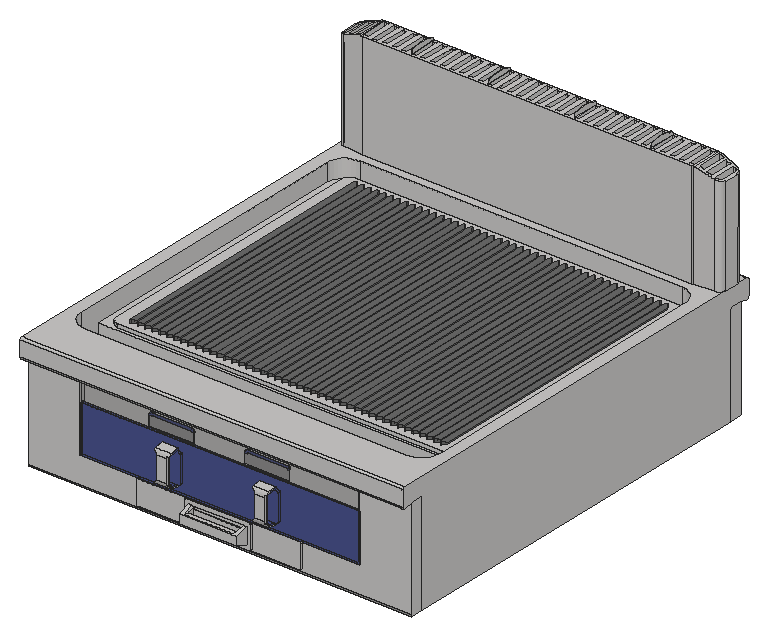
Revit family "QF_ELECTROLUXPROFESSIONAL_589102_MCHNAAHOPO", category Specialty Equipment, Revit 2018 (continued)
Definition of nested family "GG_900_Backsplash for 800 fryer"
  Automatic sketch dimensions
    Extrusion 41 sketch curve to Extrusion 41 sketch curve = 49.354 mm
    Extrusion 41 sketch curve to Extrusion 41 sketch curve = 3.029 mm  (x2)
    Extrusion 41 sketch curve to Extrusion 41 sketch curve = 0.001 mm  (x4)
    Extrusion 41 sketch curve to Extrusion 41 sketch curve = 2.392 mm
    Extrusion 42 sketch curve to Extrusion 42 sketch curve = 0 mm  (x3)
    Extrusion 42 sketch curve to plane 3 "Center (Left/Right)" = 87.373 mm
    Extrusion 42 sketch curve to Extrusion 42 sketch curve = 1 mm  (x2)
    Extrusion 42 sketch curve to Extrusion 42 sketch curve = 0.732 mm
    level to Extrusion 42 sketch curve = 1106.571 mm
    plane 6 to Extrusion 43 sketch curve = 26.484 mm
    Extrusion 43 sketch curve to Extrusion 43 sketch curve = 3.168 mm
    Extrusion 43 sketch curve to Extrusion 43 sketch curve = 0.003 mm
    Extrusion 43 sketch curve to Extrusion 43 sketch curve = 0.832 mm
    Extrusion 43 sketch curve to Extrusion 43 sketch curve = 11.257 mm
    Extrusion 43 sketch curve to Extrusion 43 sketch curve = 0 mm  (x2)
    Extrusion 43 sketch curve to plane 6 = 0.419 mm
    Extrusion 43 sketch curve to plane 6 = 12.894 mm
    Extrusion 43 sketch curve to Extrusion 43 sketch curve = 10.482 mm
    Extrusion 43 sketch curve to Extrusion 43 sketch curve = 0.775 mm
    Extrusion 43 sketch curve to Extrusion 43 sketch curve = 0.056 mm
    Extrusion 43 sketch curve to Extrusion 43 sketch curve = 4 mm
    level to Extrusion 43 sketch curve = 1058.216 mm
    Extrusion 43 sketch curve to Extrusion 43 sketch curve = 49.354 mm
    Extrusion 43 sketch curve to Extrusion 43 sketch curve = 3.029 mm  (x2)
    Extrusion 43 sketch curve to Extrusion 43 sketch curve = 0.001 mm  (x4)
    Extrusion 43 sketch curve to Extrusion 43 sketch curve = 2.392 mm
    Extrusion 44 sketch curve to Extrusion 44 sketch curve = 0 mm  (x3)
    Extrusion 44 sketch curve to plane 5 = 145 mm
    Extrusion 44 sketch curve to Extrusion 44 sketch curve = 1 mm  (x2)
    Extrusion 44 sketch curve to Extrusion 44 sketch curve = 0.732 mm
    level to Extrusion 44 sketch curve = 1107.571 mm
    plane 6 to Extrusion 45 sketch curve = 26.484 mm
    Extrusion 45 sketch curve to Extrusion 45 sketch curve = 3.168 mm
    Extrusion 45 sketch curve to Extrusion 45 sketch curve = 0.003 mm
    Extrusion 45 sketch curve to Extrusion 45 sketch curve = 0.832 mm
    Extrusion 45 sketch curve to Extrusion 45 sketch curve = 11.257 mm
    Extrusion 45 sketch curve to Extrusion 45 sketch curve = 0 mm  (x2)
    Extrusion 45 sketch curve to plane 6 = 0.419 mm
    Extrusion 45 sketch curve to plane 6 = 12.894 mm
    Extrusion 45 sketch curve to Extrusion 45 sketch curve = 10.482 mm
    Extrusion 45 sketch curve to Extrusion 45 sketch curve = 0.775 mm
    Extrusion 45 sketch curve to Extrusion 45 sketch curve = 0.056 mm
    Extrusion 45 sketch curve to Extrusion 45 sketch curve = 4 mm
    level to Extrusion 45 sketch curve = 1058.216 mm
    Extrusion 45 sketch curve to Extrusion 45 sketch curve = 49.354 mm
    Extrusion 45 sketch curve to Extrusion 45 sketch curve = 3.029 mm  (x2)
    Extrusion 45 sketch curve to Extrusion 45 sketch curve = 0.001 mm  (x4)
    Extrusion 45 sketch curve to Extrusion 45 sketch curve = 2.392 mm
    Extrusion 46 sketch curve to Extrusion 46 sketch curve = 0 mm  (x3)
    plane 3 "Center (Left/Right)" to Extrusion 46 sketch curve = 94.792 mm
    Extrusion 46 sketch curve to Extrusion 46 sketch curve = 1 mm  (x2)
    Extrusion 46 sketch curve to Extrusion 46 sketch curve = 0.732 mm
    level to Extrusion 46 sketch curve = 1107.571 mm
    curve 15 to plane 5 = 0 mm
    plane 6 to curve 6 = 32.954 mm
    curve 17 to plane 4 = 0 mm
    plane 4 to curve 16 = 0.886 mm
    plane 4 to curve 2 = 11.608 mm
    plane 4 to curve 7 = 11.608 mm
    curve 5 to curve 6 = 58.231 mm
    plane 1 "Center (Front/Back)" to curve 1 = 5.039 mm
    curve 3 to curve 1 = 58.231 mm
    curve 8 to plane 5 = 70.951 mm
    curve 1 to curve 6 = 0 mm
    curve 12 to plane 5 = 12.72 mm
    curve 8 to plane 5 = 12.72 mm
    curve 15 to plane 5 = 1.998 mm
    curve 14 to curve 9 = 1.998 mm
    plane 4 to curve 17 = 0.886 mm
    curve 3 to curve 3 = 11.746 mm
    curve 5 to curve 5 = 11.746 mm
    curve 11 to curve 11 = 11.746 mm
    curve 10 to curve 10 = 11.746 mm
    plane 6 to curve 7 = 27.86 mm
    plane 6 to curve 8 = 27.86 mm
    plane 6 to curve 15 = 15.407 mm
    curve 14 to plane 6 = 15.407 mm
    curve 4 to plane 6 = 15.407 mm
    plane 1 "Center (Front/Back)" to curve 2 = 10.134 mm
    plane 1 "Center (Front/Back)" to curve 12 = 10.134 mm
    plane 6 to curve 17 = 15.407 mm
Definition of nested family "GG_900_800 mm Full Grate"
  Parameters
    Length = 662 mm
    Array = Length / 15 mm  # 44
  Reference planes
    plane 1 "Center (Front/Back)": y = 0
    plane 2: z = 0
    plane 3 "Center (Left/Right)": x = 0
    plane 4: x = -355
    plane 5: x = 355
    plane 6: z = 900
    plane 7: z = 888
    plane 8: x = -331
    plane 9: x = 331
  Forms (mm)
    Extrusion 1, solid
      sketch origin (453.786, 467.26, 0) x (1, 0, 0) y (0, 1, 0)
        loop
          line (-808.786, -175.198) -> (-808.786, -760.472)
          arc (-808.786, -760.472) -> (-803.807, -772.493) -> (-791.786, -777.472) r 17
          line (-791.786, -777.472) -> (-116.936, -777.472)
          arc (-116.936, -777.472) -> (-104.102, -772.156) -> (-98.786, -759.322) r 18.15
          line (-98.786, -759.322) -> (-98.786, -175.198)
          arc (-98.786, -175.198) -> (-104.102, -162.364) -> (-116.936, -157.048) r 18.15
          line (-116.936, -157.048) -> (-790.636, -157.048)
          arc (-790.636, -157.048) -> (-803.47, -162.364) -> (-808.786, -175.198) r 18.15
      from 888 to 894.474
  Lines and regions (mm)
    symbolic lines
      curve 1: line (-331, 286.484, 0) -> (-324.5, 295.767, 0)
      curve 2: line (-324.5, 295.767, 0) -> (-318, 286.484, 0)
      curve 3: line (-318, -286.484, 0) -> (-318, 286.484, 0)
      curve 4: line (-331, 286.484, 0) -> (-331, -286.484, 0)
      curve 5: line (-324.5, -295.767, 0) -> (-331, -286.484, 0)
      curve 6: line (-318, -286.484, 0) -> (-324.5, -295.767, 0)
      curve 7: line (318, 286.484, 0) -> (324.5, 295.767, 0)
      curve 8: line (324.5, 295.767, 0) -> (331, 286.484, 0)
      curve 9: line (331, -286.484, 0) -> (331, 286.484, 0)
      curve 10: line (318, 286.484, 0) -> (318, -286.484, 0)
      curve 11: line (324.5, -295.767, 0) -> (318, -286.484, 0)
      curve 12: line (331, -286.484, 0) -> (324.5, -295.767, 0)
      curve 13: line (-315.907, 286.484, 0) -> (-309.407, 295.767, 0)
      curve 14: line (-309.407, 295.767, 0) -> (-302.907, 286.484, 0)
      curve 15: line (-302.907, -286.484, 0) -> (-302.907, 286.484, 0)
      curve 16: line (-315.907, 286.484, 0) -> (-315.907, -286.484, 0)
      curve 17: line (-309.407, -295.767, 0) -> (-315.907, -286.484, 0)
      curve 18: line (-302.907, -286.484, 0) -> (-309.407, -295.767, 0)
      curve 19: line (-300.814, 286.484, 0) -> (-294.314, 295.767, 0)
      curve 20: line (-294.314, 295.767, 0) -> (-287.814, 286.484, 0)
      curve 21: line (-287.814, -286.484, 0) -> (-287.814, 286.484, 0)
      curve 22: line (-300.814, 286.484, 0) -> (-300.814, -286.484, 0)
      curve 23: line (-294.314, -295.767, 0) -> (-300.814, -286.484, 0)
      curve 24: line (-287.814, -286.484, 0) -> (-294.314, -295.767, 0)
      curve 25: line (-285.721, 286.484, 0) -> (-279.221, 295.767, 0)
      curve 26: line (-279.221, 295.767, 0) -> (-272.721, 286.484, 0)
      curve 27: line (-272.721, -286.484, 0) -> (-272.721, 286.484, 0)
      curve 28: line (-285.721, 286.484, 0) -> (-285.721, -286.484, 0)
      curve 29: line (-279.221, -295.767, 0) -> (-285.721, -286.484, 0)
      curve 30: line (-272.721, -286.484, 0) -> (-279.221, -295.767, 0)
      curve 31: line (-270.628, 286.484, 0) -> (-264.128, 295.767, 0)
      curve 32: line (-264.128, 295.767, 0) -> (-257.628, 286.484, 0)
      curve 33: line (-257.628, -286.484, 0) -> (-257.628, 286.484, 0)
      curve 34: line (-270.628, 286.484, 0) -> (-270.628, -286.484, 0)
      curve 35: line (-264.128, -295.767, 0) -> (-270.628, -286.484, 0)
      curve 36: line (-257.628, -286.484, 0) -> (-264.128, -295.767, 0)
      curve 37: line (-255.535, 286.484, 0) -> (-249.035, 295.767, 0)
      curve 38: line (-249.035, 295.767, 0) -> (-242.535, 286.484, 0)
      curve 39: line (-242.535, -286.484, 0) -> (-242.535, 286.484, 0)
      curve 40: line (-255.535, 286.484, 0) -> (-255.535, -286.484, 0)
      curve 41: line (-249.035, -295.767, 0) -> (-255.535, -286.484, 0)
      curve 42: line (-242.535, -286.484, 0) -> (-249.035, -295.767, 0)
      curve 43: line (-240.442, 286.484, 0) -> (-233.942, 295.767, 0)
      curve 44: line (-233.942, 295.767, 0) -> (-227.442, 286.484, 0)
      curve 45: line (-227.442, -286.484, 0) -> (-227.442, 286.484, 0)
      curve 46: line (-240.442, 286.484, 0) -> (-240.442, -286.484, 0)
      curve 47: line (-233.942, -295.767, 0) -> (-240.442, -286.484, 0)
      curve 48: line (-227.442, -286.484, 0) -> (-233.942, -295.767, 0)
      curve 49: line (-225.349, 286.484, 0) -> (-218.849, 295.767, 0)
      curve 50: line (-218.849, 295.767, 0) -> (-212.349, 286.484, 0)
      curve 51: line (-212.349, -286.484, 0) -> (-212.349, 286.484, 0)
      curve 52: line (-225.349, 286.484, 0) -> (-225.349, -286.484, 0)
      curve 53: line (-218.849, -295.767, 0) -> (-225.349, -286.484, 0)
      curve 54: line (-212.349, -286.484, 0) -> (-218.849, -295.767, 0)
      curve 55: line (-210.256, 286.484, 0) -> (-203.756, 295.767, 0)
      curve 56: line (-203.756, 295.767, 0) -> (-197.256, 286.484, 0)
      curve 57: line (-197.256, -286.484, 0) -> (-197.256, 286.484, 0)
      curve 58: line (-210.256, 286.484, 0) -> (-210.256, -286.484, 0)
      curve 59: line (-203.756, -295.767, 0) -> (-210.256, -286.484, 0)
      curve 60: line (-197.256, -286.484, 0) -> (-203.756, -295.767, 0)
      curve 61: line (-195.163, 286.484, 0) -> (-188.663, 295.767, 0)
      curve 62: line (-188.663, 295.767, 0) -> (-182.163, 286.484, 0)
      curve 63: line (-182.163, -286.484, 0) -> (-182.163, 286.484, 0)
      curve 64: line (-195.163, 286.484, 0) -> (-195.163, -286.484, 0)
      curve 65: line (-188.663, -295.767, 0) -> (-195.163, -286.484, 0)
      curve 66: line (-182.163, -286.484, 0) -> (-188.663, -295.767, 0)
      curve 67: line (-180.07, 286.484, 0) -> (-173.57, 295.767, 0)
      curve 68: line (-173.57, 295.767, 0) -> (-167.07, 286.484, 0)
      curve 69: line (-167.07, -286.484, 0) -> (-167.07, 286.484, 0)
      curve 70: line (-180.07, 286.484, 0) -> (-180.07, -286.484, 0)
      curve 71: line (-173.57, -295.767, 0) -> (-180.07, -286.484, 0)
      curve 72: line (-167.07, -286.484, 0) -> (-173.57, -295.767, 0)
      curve 73: line (-164.977, 286.484, 0) -> (-158.477, 295.767, 0)
      curve 74: line (-158.477, 295.767, 0) -> (-151.977, 286.484, 0)
      curve 75: line (-151.977, -286.484, 0) -> (-151.977, 286.484, 0)
      curve 76: line (-164.977, 286.484, 0) -> (-164.977, -286.484, 0)
      curve 77: line (-158.477, -295.767, 0) -> (-164.977, -286.484, 0)
      curve 78: line (-151.977, -286.484, 0) -> (-158.477, -295.767, 0)
      curve 79: line (-149.884, 286.484, 0) -> (-143.384, 295.767, 0)
      curve 80: line (-143.384, 295.767, 0) -> (-136.884, 286.484, 0)
      curve 81: line (-136.884, -286.484, 0) -> (-136.884, 286.484, 0)
      curve 82: line (-149.884, 286.484, 0) -> (-149.884, -286.484, 0)
      curve 83: line (-143.384, -295.767, 0) -> (-149.884, -286.484, 0)
      curve 84: line (-136.884, -286.484, 0) -> (-143.384, -295.767, 0)
      curve 85: line (-134.791, 286.484, 0) -> (-128.291, 295.767, 0)
      curve 86: line (-128.291, 295.767, 0) -> (-121.791, 286.484, 0)
      curve 87: line (-121.791, -286.484, 0) -> (-121.791, 286.484, 0)
      curve 88: line (-134.791, 286.484, 0) -> (-134.791, -286.484, 0)
      curve 89: line (-128.291, -295.767, 0) -> (-134.791, -286.484, 0)
      curve 90: line (-121.791, -286.484, 0) -> (-128.291, -295.767, 0)
      curve 91: line (-119.698, 286.484, 0) -> (-113.198, 295.767, 0)
      curve 92: line (-113.198, 295.767, 0) -> (-106.698, 286.484, 0)
      curve 93: line (-106.698, -286.484, 0) -> (-106.698, 286.484, 0)
      curve 94: line (-119.698, 286.484, 0) -> (-119.698, -286.484, 0)
      curve 95: line (-113.198, -295.767, 0) -> (-119.698, -286.484, 0)
      curve 96: line (-106.698, -286.484, 0) -> (-113.198, -295.767, 0)
      curve 97: line (-104.605, 286.484, 0) -> (-98.105, 295.767, 0)
      curve 98: line (-98.105, 295.767, 0) -> (-91.605, 286.484, 0)
      curve 99: line (-91.605, -286.484, 0) -> (-91.605, 286.484, 0)
      curve 100: line (-104.605, 286.484, 0) -> (-104.605, -286.484, 0)
      curve 101: line (-98.105, -295.767, 0) -> (-104.605, -286.484, 0)
      curve 102: line (-91.605, -286.484, 0) -> (-98.105, -295.767, 0)
      curve 103: line (-89.512, 286.484, 0) -> (-83.012, 295.767, 0)
      curve 104: line (-83.012, 295.767, 0) -> (-76.512, 286.484, 0)
      curve 105: line (-76.512, -286.484, 0) -> (-76.512, 286.484, 0)
      curve 106: line (-89.512, 286.484, 0) -> (-89.512, -286.484, 0)
      curve 107: line (-83.012, -295.767, 0) -> (-89.512, -286.484, 0)
      curve 108: line (-76.512, -286.484, 0) -> (-83.012, -295.767, 0)
      curve 109: line (-74.419, 286.484, 0) -> (-67.919, 295.767, 0)
      curve 110: line (-67.919, 295.767, 0) -> (-61.419, 286.484, 0)
      curve 111: line (-61.419, -286.484, 0) -> (-61.419, 286.484, 0)
      curve 112: line (-74.419, 286.484, 0) -> (-74.419, -286.484, 0)
      curve 113: line (-67.919, -295.767, 0) -> (-74.419, -286.484, 0)
      curve 114: line (-61.419, -286.484, 0) -> (-67.919, -295.767, 0)
      curve 115: line (-59.326, 286.484, 0) -> (-52.826, 295.767, 0)
      curve 116: line (-52.826, 295.767, 0) -> (-46.326, 286.484, 0)
      curve 117: line (-46.326, -286.484, 0) -> (-46.326, 286.484, 0)
      curve 118: line (-59.326, 286.484, 0) -> (-59.326, -286.484, 0)
      curve 119: line (-52.826, -295.767, 0) -> (-59.326, -286.484, 0)
      curve 120: line (-46.326, -286.484, 0) -> (-52.826, -295.767, 0)
      curve 121: line (-44.233, 286.484, 0) -> (-37.733, 295.767, 0)
      curve 122: line (-37.733, 295.767, 0) -> (-31.233, 286.484, 0)
      curve 123: line (-31.233, -286.484, 0) -> (-31.233, 286.484, 0)
      curve 124: line (-44.233, 286.484, 0) -> (-44.233, -286.484, 0)
      curve 125: line (-37.733, -295.767, 0) -> (-44.233, -286.484, 0)
      curve 126: line (-31.233, -286.484, 0) -> (-37.733, -295.767, 0)
      curve 127: line (-29.14, 286.484, 0) -> (-22.64, 295.767, 0)
      curve 128: line (-22.64, 295.767, 0) -> (-16.14, 286.484, 0)
      curve 129: line (-16.14, -286.484, 0) -> (-16.14, 286.484, 0)
      curve 130: line (-29.14, 286.484, 0) -> (-29.14, -286.484, 0)
      curve 131: line (-22.64, -295.767, 0) -> (-29.14, -286.484, 0)
      curve 132: line (-16.14, -286.484, 0) -> (-22.64, -295.767, 0)
      curve 133: line (-14.047, 286.484, 0) -> (-7.547, 295.767, 0)
      curve 134: line (-7.547, 295.767, 0) -> (-1.047, 286.484, 0)
      curve 135: line (-1.047, -286.484, 0) -> (-1.047, 286.484, 0)
      curve 136: line (-14.047, 286.484, 0) -> (-14.047, -286.484, 0)
      curve 137: line (-7.547, -295.767, 0) -> (-14.047, -286.484, 0)
      curve 138: line (-1.047, -286.484, 0) -> (-7.547, -295.767, 0)
      curve 139: line (1.047, 286.484, 0) -> (7.547, 295.767, 0)
      curve 140: line (7.547, 295.767, 0) -> (14.047, 286.484, 0)
      curve 141: line (14.047, -286.484, 0) -> (14.047, 286.484, 0)
      curve 142: line (1.047, 286.484, 0) -> (1.047, -286.484, 0)
      curve 143: line (7.547, -295.767, 0) -> (1.047, -286.484, 0)
      curve 144: line (14.047, -286.484, 0) -> (7.547, -295.767, 0)
      curve 145: line (16.14, 286.484, 0) -> (22.64, 295.767, 0)
      curve 146: line (22.64, 295.767, 0) -> (29.14, 286.484, 0)
      curve 147: line (29.14, -286.484, 0) -> (29.14, 286.484, 0)
      curve 148: line (16.14, 286.484, 0) -> (16.14, -286.484, 0)
      curve 149: line (22.64, -295.767, 0) -> (16.14, -286.484, 0)
      curve 150: line (29.14, -286.484, 0) -> (22.64, -295.767, 0)
      curve 151: line (31.233, 286.484, 0) -> (37.733, 295.767, 0)
      curve 152: line (37.733, 295.767, 0) -> (44.233, 286.484, 0)
      curve 153: line (44.233, -286.484, 0) -> (44.233, 286.484, 0)
      curve 154: line (31.233, 286.484, 0) -> (31.233, -286.484, 0)
      curve 155: line (37.733, -295.767, 0) -> (31.233, -286.484, 0)
      curve 156: line (44.233, -286.484, 0) -> (37.733, -295.767, 0)
      curve 157: line (46.326, 286.484, 0) -> (52.826, 295.767, 0)
      curve 158: line (52.826, 295.767, 0) -> (59.326, 286.484, 0)
      curve 159: line (59.326, -286.484, 0) -> (59.326, 286.484, 0)
      curve 160: line (46.326, 286.484, 0) -> (46.326, -286.484, 0)
      curve 161: line (52.826, -295.767, 0) -> (46.326, -286.484, 0)
      curve 162: line (59.326, -286.484, 0) -> (52.826, -295.767, 0)
      curve 163: line (61.419, 286.484, 0) -> (67.919, 295.767, 0)
      curve 164: line (67.919, 295.767, 0) -> (74.419, 286.484, 0)
      curve 165: line (74.419, -286.484, 0) -> (74.419, 286.484, 0)
      curve 166: line (61.419, 286.484, 0) -> (61.419, -286.484, 0)
      curve 167: line (67.919, -295.767, 0) -> (61.419, -286.484, 0)
      curve 168: line (74.419, -286.484, 0) -> (67.919, -295.767, 0)
      curve 169: line (76.512, 286.484, 0) -> (83.012, 295.767, 0)
      curve 170: line (83.012, 295.767, 0) -> (89.512, 286.484, 0)
      curve 171: line (89.512, -286.484, 0) -> (89.512, 286.484, 0)
      curve 172: line (76.512, 286.484, 0) -> (76.512, -286.484, 0)
      curve 173: line (83.012, -295.767, 0) -> (76.512, -286.484, 0)
      curve 174: line (89.512, -286.484, 0) -> (83.012, -295.767, 0)
      curve 175: line (91.605, 286.484, 0) -> (98.105, 295.767, 0)
      curve 176: line (98.105, 295.767, 0) -> (104.605, 286.484, 0)
      curve 177: line (104.605, -286.484, 0) -> (104.605, 286.484, 0)
      curve 178: line (91.605, 286.484, 0) -> (91.605, -286.484, 0)
      curve 179: line (98.105, -295.767, 0) -> (91.605, -286.484, 0)
      curve 180: line (104.605, -286.484, 0) -> (98.105, -295.767, 0)
      curve 181: line (106.698, 286.484, 0) -> (113.198, 295.767, 0)
      curve 182: line (113.198, 295.767, 0) -> (119.698, 286.484, 0)
      curve 183: line (119.698, -286.484, 0) -> (119.698, 286.484, 0)
      curve 184: line (106.698, 286.484, 0) -> (106.698, -286.484, 0)
      curve 185: line (113.198, -295.767, 0) -> (106.698, -286.484, 0)
      curve 186: line (119.698, -286.484, 0) -> (113.198, -295.767, 0)
      curve 187: line (121.791, 286.484, 0) -> (128.291, 295.767, 0)
      curve 188: line (128.291, 295.767, 0) -> (134.791, 286.484, 0)
      curve 189: line (134.791, -286.484, 0) -> (134.791, 286.484, 0)
      curve 190: line (121.791, 286.484, 0) -> (121.791, -286.484, 0)
      curve 191: line (128.291, -295.767, 0) -> (121.791, -286.484, 0)
      curve 192: line (134.791, -286.484, 0) -> (128.291, -295.767, 0)
      curve 193: line (136.884, 286.484, 0) -> (143.384, 295.767, 0)
      curve 194: line (143.384, 295.767, 0) -> (149.884, 286.484, 0)
      curve 195: line (149.884, -286.484, 0) -> (149.884, 286.484, 0)
      curve 196: line (136.884, 286.484, 0) -> (136.884, -286.484, 0)
      curve 197: line (143.384, -295.767, 0) -> (136.884, -286.484, 0)
      curve 198: line (149.884, -286.484, 0) -> (143.384, -295.767, 0)
      curve 199: line (151.977, 286.484, 0) -> (158.477, 295.767, 0)
      curve 200: line (158.477, 295.767, 0) -> (164.977, 286.484, 0)
      curve 201: line (164.977, -286.484, 0) -> (164.977, 286.484, 0)
      curve 202: line (151.977, 286.484, 0) -> (151.977, -286.484, 0)
      curve 203: line (158.477, -295.767, 0) -> (151.977, -286.484, 0)
      curve 204: line (164.977, -286.484, 0) -> (158.477, -295.767, 0)
      curve 205: line (167.07, 286.484, 0) -> (173.57, 295.767, 0)
      curve 206: line (173.57, 295.767, 0) -> (180.07, 286.484, 0)
      curve 207: line (180.07, -286.484, 0) -> (180.07, 286.484, 0)
      curve 208: line (167.07, 286.484, 0) -> (167.07, -286.484, 0)
      curve 209: line (173.57, -295.767, 0) -> (167.07, -286.484, 0)
      curve 210: line (180.07, -286.484, 0) -> (173.57, -295.767, 0)
      curve 211: line (182.163, 286.484, 0) -> (188.663, 295.767, 0)
      curve 212: line (188.663, 295.767, 0) -> (195.163, 286.484, 0)
      curve 213: line (195.163, -286.484, 0) -> (195.163, 286.484, 0)
      curve 214: line (182.163, 286.484, 0) -> (182.163, -286.484, 0)
      curve 215: line (188.663, -295.767, 0) -> (182.163, -286.484, 0)
      curve 216: line (195.163, -286.484, 0) -> (188.663, -295.767, 0)
      curve 217: line (197.256, 286.484, 0) -> (203.756, 295.767, 0)
      curve 218: line (203.756, 295.767, 0) -> (210.256, 286.484, 0)
      curve 219: line (210.256, -286.484, 0) -> (210.256, 286.484, 0)
      curve 220: line (197.256, 286.484, 0) -> (197.256, -286.484, 0)
      curve 221: line (203.756, -295.767, 0) -> (197.256, -286.484, 0)
      curve 222: line (210.256, -286.484, 0) -> (203.756, -295.767, 0)
      curve 223: line (212.349, 286.484, 0) -> (218.849, 295.767, 0)
      curve 224: line (218.849, 295.767, 0) -> (225.349, 286.484, 0)
      curve 225: line (225.349, -286.484, 0) -> (225.349, 286.484, 0)
      curve 226: line (212.349, 286.484, 0) -> (212.349, -286.484, 0)
      curve 227: line (218.849, -295.767, 0) -> (212.349, -286.484, 0)
      curve 228: line (225.349, -286.484, 0) -> (218.849, -295.767, 0)
      curve 229: line (227.442, 286.484, 0) -> (233.942, 295.767, 0)
      curve 230: line (233.942, 295.767, 0) -> (240.442, 286.484, 0)
      curve 231: line (240.442, -286.484, 0) -> (240.442, 286.484, 0)
      curve 232: line (227.442, 286.484, 0) -> (227.442, -286.484, 0)
      curve 233: line (233.942, -295.767, 0) -> (227.442, -286.484, 0)
      curve 234: line (240.442, -286.484, 0) -> (233.942, -295.767, 0)
      curve 235: line (242.535, 286.484, 0) -> (249.035, 295.767, 0)
      curve 236: line (249.035, 295.767, 0) -> (255.535, 286.484, 0)
      curve 237: line (255.535, -286.484, 0) -> (255.535, 286.484, 0)
      curve 238: line (242.535, 286.484, 0) -> (242.535, -286.484, 0)
      curve 239: line (249.035, -295.767, 0) -> (242.535, -286.484, 0)
      curve 240: line (255.535, -286.484, 0) -> (249.035, -295.767, 0)
      curve 241: line (257.628, 286.484, 0) -> (264.128, 295.767, 0)
      curve 242: line (264.128, 295.767, 0) -> (270.628, 286.484, 0)
      curve 243: line (270.628, -286.484, 0) -> (270.628, 286.484, 0)
      curve 244: line (257.628, 286.484, 0) -> (257.628, -286.484, 0)
      curve 245: line (264.128, -295.767, 0) -> (257.628, -286.484, 0)
      curve 246: line (270.628, -286.484, 0) -> (264.128, -295.767, 0)
      curve 247: line (272.721, 286.484, 0) -> (279.221, 295.767, 0)
      curve 248: line (279.221, 295.767, 0) -> (285.721, 286.484, 0)
      curve 249: line (285.721, -286.484, 0) -> (285.721, 286.484, 0)
      curve 250: line (272.721, 286.484, 0) -> (272.721, -286.484, 0)
      curve 251: line (279.221, -295.767, 0) -> (272.721, -286.484, 0)
      curve 252: line (285.721, -286.484, 0) -> (279.221, -295.767, 0)
      curve 253: line (287.814, 286.484, 0) -> (294.314, 295.767, 0)
      curve 254: line (294.314, 295.767, 0) -> (300.814, 286.484, 0)
      curve 255: line (300.814, -286.484, 0) -> (300.814, 286.484, 0)
      curve 256: line (287.814, 286.484, 0) -> (287.814, -286.484, 0)
      curve 257: line (294.314, -295.767, 0) -> (287.814, -286.484, 0)
      curve 258: line (300.814, -286.484, 0) -> (294.314, -295.767, 0)
      curve 259: line (302.907, 286.484, 0) -> (309.407, 295.767, 0)
      curve 260: line (309.407, 295.767, 0) -> (315.907, 286.484, 0)
      curve 261: line (315.907, -286.484, 0) -> (315.907, 286.484, 0)
      curve 262: line (302.907, 286.484, 0) -> (302.907, -286.484, 0)
      curve 263: line (309.407, -295.767, 0) -> (302.907, -286.484, 0)
      curve 264: line (315.907, -286.484, 0) -> (309.407, -295.767, 0)
      curve 265: line (336.85, 310.212, 0) -> (-336.85, 310.212, 0)
      curve 266: arc (-336.85, 310.212, 0) -> (-349.684, 304.896, 0) -> (-355, 292.062, 0) r 18.15
      curve 267: line (-355, 292.062, 0) -> (-355, -293.212, 0)
      curve 268: arc (-355, -293.212, 0) -> (-350.021, -305.233, 0) -> (-338, -310.212, 0) r 17
      curve 269: line (-338, -310.212, 0) -> (336.85, -310.212, 0)
      curve 270: arc (336.85, -310.212, 0) -> (349.684, -304.896, 0) -> (355, -292.062, 0) r 18.15
      curve 271: line (355, -292.062, 0) -> (355, 292.062, 0)
      curve 272: arc (355, 292.062, 0) -> (349.684, 304.896, 0) -> (336.85, 310.212, 0) r 18.15
  Dimensions and locks
    plane 6 to level = 900 mm
    plane 6 to plane 7 = 12 mm
    locked: plane 9 to plane 5 at 24
    "Length": plane 8 to plane 9
    equal spacing: group 1, group 3, group 4, group 5, group 6, group 7, group 8, group 9, group 10, group 11, group 12, group 13, group 14, group 15, group 16, group 17, group 18, group 19, group 20, group 21, group 22, group 23, group 24, group 25, group 26, group 27, group 28, group 29, group 30, group 31, group 32, group 33, group 34, group 35, group 36, group 37, group 38, group 39, group 40, group 41, group 42, group 43, group 44, group 2  (x3)
    plane 4 to plane 5 = 710 mm
    plane 4 to plane 8 = 24 mm
    aligned and locked: plane 6 to nested 1
    aligned and locked: Extrusion 1 to nested 1
    aligned and locked: Extrusion 1 to plane 7
    aligned and locked: plane 8 to nested 1
    aligned and locked: plane 9 to nested 2
    aligned and locked: curve 266 to Extrusion 1
    aligned and locked: curve 270 to Extrusion 1
    aligned and locked: curve 272 to Extrusion 1
  Automatic sketch dimensions
    Extrusion 1 sketch curve to plane 4 = 0 mm
    Extrusion 1 sketch curve to plane 5 = 0 mm
    Extrusion 1 sketch curve to plane 8 = 7 mm
    Extrusion 1 sketch curve to plane 8 = 5.85 mm
    plane 9 to Extrusion 1 sketch curve = 5.85 mm  (x2)
    plane 1 "Center (Front/Back)" to Extrusion 1 sketch curve = 310.212 mm
    Extrusion 1 sketch curve to plane 1 "Center (Front/Back)" = 292.062 mm
    curve 1 to curve 1 = 6.5 mm
    curve 4 to curve 5 = 6.5 mm
    curve 2 to curve 2 = 6.5 mm
    curve 6 to curve 3 = 9.283 mm
    curve 5 to curve 4 = 9.283 mm
    curve 4 to curve 4 = 572.969 mm
    curve 1 to curve 3 = 0 mm
    curve 1 to curve 1 = 9.283 mm
    curve 7 to curve 7 = 6.5 mm
    curve 10 to curve 11 = 6.5 mm
    curve 8 to curve 8 = 6.5 mm
    curve 12 to curve 9 = 9.283 mm
    curve 11 to curve 10 = 9.283 mm
    curve 10 to curve 10 = 572.969 mm
    curve 7 to curve 9 = 0 mm
    curve 7 to curve 7 = 9.283 mm
    curve 13 to curve 13 = 6.5 mm
    curve 16 to curve 17 = 6.5 mm
    curve 14 to curve 14 = 6.5 mm
    curve 18 to curve 15 = 9.283 mm
    curve 17 to curve 16 = 9.283 mm
    curve 16 to curve 16 = 572.969 mm
    curve 13 to curve 15 = 0 mm
    curve 13 to curve 13 = 9.283 mm
    curve 19 to curve 19 = 6.5 mm
    curve 22 to curve 23 = 6.5 mm
    curve 20 to curve 20 = 6.5 mm
    curve 24 to curve 21 = 9.283 mm
    curve 23 to curve 22 = 9.283 mm
    curve 22 to curve 22 = 572.969 mm
    curve 19 to curve 21 = 0 mm
    curve 19 to curve 19 = 9.283 mm
    curve 25 to curve 25 = 6.5 mm
    curve 28 to curve 29 = 6.5 mm
    curve 26 to curve 26 = 6.5 mm
    curve 30 to curve 27 = 9.283 mm
    curve 29 to curve 28 = 9.283 mm
    curve 28 to curve 28 = 572.969 mm
    curve 25 to curve 27 = 0 mm
    curve 25 to curve 25 = 9.283 mm
    curve 31 to curve 31 = 6.5 mm
    curve 34 to curve 35 = 6.5 mm
    curve 32 to curve 32 = 6.5 mm
    curve 36 to curve 33 = 9.283 mm
    curve 35 to curve 34 = 9.283 mm
    curve 34 to curve 34 = 572.969 mm
    curve 31 to curve 33 = 0 mm
    curve 31 to curve 31 = 9.283 mm
    curve 37 to curve 37 = 6.5 mm
    curve 40 to curve 41 = 6.5 mm
    curve 38 to curve 38 = 6.5 mm
    curve 42 to curve 39 = 9.283 mm
    curve 41 to curve 40 = 9.283 mm
    curve 40 to curve 40 = 572.969 mm
    curve 37 to curve 39 = 0 mm
    curve 37 to curve 37 = 9.283 mm
    curve 43 to curve 43 = 6.5 mm
    curve 46 to curve 47 = 6.5 mm
    curve 44 to curve 44 = 6.5 mm
    curve 48 to curve 45 = 9.283 mm
    curve 47 to curve 46 = 9.283 mm
    curve 46 to curve 46 = 572.969 mm
    curve 43 to curve 45 = 0 mm
    curve 43 to curve 43 = 9.283 mm
    curve 49 to curve 49 = 6.5 mm
    curve 52 to curve 53 = 6.5 mm
    curve 50 to curve 50 = 6.5 mm
    curve 54 to curve 51 = 9.283 mm
    curve 53 to curve 52 = 9.283 mm
    curve 52 to curve 52 = 572.969 mm
    curve 49 to curve 51 = 0 mm
    curve 49 to curve 49 = 9.283 mm
    curve 55 to curve 55 = 6.5 mm
    curve 58 to curve 59 = 6.5 mm
    curve 56 to curve 56 = 6.5 mm
    curve 60 to curve 57 = 9.283 mm
    curve 59 to curve 58 = 9.283 mm
    curve 58 to curve 58 = 572.969 mm
    curve 55 to curve 57 = 0 mm
    curve 55 to curve 55 = 9.283 mm
    curve 61 to curve 61 = 6.5 mm
    curve 64 to curve 65 = 6.5 mm
    curve 62 to curve 62 = 6.5 mm
    curve 66 to curve 63 = 9.283 mm
    curve 65 to curve 64 = 9.283 mm
    curve 64 to curve 64 = 572.969 mm
    curve 61 to curve 63 = 0 mm
    curve 61 to curve 61 = 9.283 mm
    curve 67 to curve 67 = 6.5 mm
    curve 70 to curve 71 = 6.5 mm
    curve 68 to curve 68 = 6.5 mm
    curve 72 to curve 69 = 9.283 mm
    curve 71 to curve 70 = 9.283 mm
    curve 70 to curve 70 = 572.969 mm
    curve 67 to curve 69 = 0 mm
    curve 67 to curve 67 = 9.283 mm
    curve 73 to curve 73 = 6.5 mm
    curve 76 to curve 77 = 6.5 mm
    curve 74 to curve 74 = 6.5 mm
    curve 78 to curve 75 = 9.283 mm
    curve 77 to curve 76 = 9.283 mm
    curve 76 to curve 76 = 572.969 mm
    curve 73 to curve 75 = 0 mm
    curve 73 to curve 73 = 9.283 mm
    curve 79 to curve 79 = 6.5 mm
    curve 82 to curve 83 = 6.5 mm
    curve 80 to curve 80 = 6.5 mm
    curve 84 to curve 81 = 9.283 mm
    curve 83 to curve 82 = 9.283 mm
    curve 82 to curve 82 = 572.969 mm
    curve 79 to curve 81 = 0 mm
    curve 79 to curve 79 = 9.283 mm
    curve 85 to curve 85 = 6.5 mm
    curve 88 to curve 89 = 6.5 mm
    curve 86 to curve 86 = 6.5 mm
    curve 90 to curve 87 = 9.283 mm
    curve 89 to curve 88 = 9.283 mm
    curve 88 to curve 88 = 572.969 mm
    curve 85 to curve 87 = 0 mm
    curve 85 to curve 85 = 9.283 mm
    curve 91 to curve 91 = 6.5 mm
    curve 94 to curve 95 = 6.5 mm
    curve 92 to curve 92 = 6.5 mm
    curve 96 to curve 93 = 9.283 mm
    curve 95 to curve 94 = 9.283 mm
    curve 94 to curve 94 = 572.969 mm
    curve 91 to curve 93 = 0 mm
    curve 91 to curve 91 = 9.283 mm
    curve 97 to curve 97 = 6.5 mm
    curve 100 to curve 101 = 6.5 mm
    curve 98 to curve 98 = 6.5 mm
    curve 102 to curve 99 = 9.283 mm
    curve 101 to curve 100 = 9.283 mm
    curve 100 to curve 100 = 572.969 mm
    curve 97 to curve 99 = 0 mm
    curve 97 to curve 97 = 9.283 mm
    curve 103 to curve 103 = 6.5 mm
    curve 106 to curve 107 = 6.5 mm
    curve 104 to curve 104 = 6.5 mm
    curve 108 to curve 105 = 9.283 mm
    curve 107 to curve 106 = 9.283 mm
    curve 106 to curve 106 = 572.969 mm
    curve 103 to curve 105 = 0 mm
    curve 103 to curve 103 = 9.283 mm
    curve 109 to curve 109 = 6.5 mm
    curve 112 to curve 113 = 6.5 mm
    curve 110 to curve 110 = 6.5 mm
    curve 114 to curve 111 = 9.283 mm
    curve 113 to curve 112 = 9.283 mm
    curve 112 to curve 112 = 572.969 mm
    curve 109 to curve 111 = 0 mm
    curve 109 to curve 109 = 9.283 mm
    curve 115 to curve 115 = 6.5 mm
    curve 118 to curve 119 = 6.5 mm
    curve 116 to curve 116 = 6.5 mm
    curve 120 to curve 117 = 9.283 mm
    curve 119 to curve 118 = 9.283 mm
    curve 118 to curve 118 = 572.969 mm
    curve 115 to curve 117 = 0 mm
    curve 115 to curve 115 = 9.283 mm
    curve 121 to curve 121 = 6.5 mm
    curve 124 to curve 125 = 6.5 mm
    curve 122 to curve 122 = 6.5 mm
    curve 126 to curve 123 = 9.283 mm
    curve 125 to curve 124 = 9.283 mm
    curve 124 to curve 124 = 572.969 mm
    curve 121 to curve 123 = 0 mm
    curve 121 to curve 121 = 9.283 mm
    curve 127 to curve 127 = 6.5 mm
    curve 130 to curve 131 = 6.5 mm
    curve 128 to curve 128 = 6.5 mm
    curve 132 to curve 129 = 9.283 mm
    curve 131 to curve 130 = 9.283 mm
    curve 130 to curve 130 = 572.969 mm
    curve 127 to curve 129 = 0 mm
    curve 127 to curve 127 = 9.283 mm
    curve 133 to curve 133 = 6.5 mm
    curve 136 to curve 137 = 6.5 mm
    curve 134 to curve 134 = 6.5 mm
    curve 138 to curve 135 = 9.283 mm
    curve 137 to curve 136 = 9.283 mm
    curve 136 to curve 136 = 572.969 mm
    curve 133 to curve 135 = 0 mm
    curve 133 to curve 133 = 9.283 mm
    curve 139 to curve 139 = 6.5 mm
    curve 142 to curve 143 = 6.5 mm
    curve 140 to curve 140 = 6.5 mm
    curve 144 to curve 141 = 9.283 mm
    curve 143 to curve 142 = 9.283 mm
    curve 142 to curve 142 = 572.969 mm
    curve 139 to curve 141 = 0 mm
    curve 139 to curve 139 = 9.283 mm
    curve 145 to curve 145 = 6.5 mm
    curve 148 to curve 149 = 6.5 mm
    curve 146 to curve 146 = 6.5 mm
    curve 150 to curve 147 = 9.283 mm
    curve 149 to curve 148 = 9.283 mm
    curve 148 to curve 148 = 572.969 mm
    curve 145 to curve 147 = 0 mm
    curve 145 to curve 145 = 9.283 mm
    curve 151 to curve 151 = 6.5 mm
    curve 154 to curve 155 = 6.5 mm
    curve 152 to curve 152 = 6.5 mm
    curve 156 to curve 153 = 9.283 mm
    curve 155 to curve 154 = 9.283 mm
    curve 154 to curve 154 = 572.969 mm
    curve 151 to curve 153 = 0 mm
    curve 151 to curve 151 = 9.283 mm
    curve 157 to curve 157 = 6.5 mm
    curve 160 to curve 161 = 6.5 mm
    curve 158 to curve 158 = 6.5 mm
    curve 162 to curve 159 = 9.283 mm
    curve 161 to curve 160 = 9.283 mm
    curve 160 to curve 160 = 572.969 mm
    curve 157 to curve 159 = 0 mm
    curve 157 to curve 157 = 9.283 mm
    curve 163 to curve 163 = 6.5 mm
    curve 166 to curve 167 = 6.5 mm
    curve 164 to curve 164 = 6.5 mm
    curve 168 to curve 165 = 9.283 mm
    curve 167 to curve 166 = 9.283 mm
    curve 166 to curve 166 = 572.969 mm
    curve 163 to curve 165 = 0 mm
    curve 163 to curve 163 = 9.283 mm
    curve 169 to curve 169 = 6.5 mm
    curve 172 to curve 173 = 6.5 mm
    curve 170 to curve 170 = 6.5 mm
    curve 174 to curve 171 = 9.283 mm
    curve 173 to curve 172 = 9.283 mm
    curve 172 to curve 172 = 572.969 mm
    curve 169 to curve 171 = 0 mm
    curve 169 to curve 169 = 9.283 mm
    curve 175 to curve 175 = 6.5 mm
    curve 178 to curve 179 = 6.5 mm
    curve 176 to curve 176 = 6.5 mm
    curve 180 to curve 177 = 9.283 mm
    curve 179 to curve 178 = 9.283 mm
    curve 178 to curve 178 = 572.969 mm
    curve 175 to curve 177 = 0 mm
    curve 175 to curve 175 = 9.283 mm
    curve 181 to curve 181 = 6.5 mm
    curve 184 to curve 185 = 6.5 mm
    curve 182 to curve 182 = 6.5 mm
    curve 186 to curve 183 = 9.283 mm
    curve 185 to curve 184 = 9.283 mm
    curve 184 to curve 184 = 572.969 mm
    curve 181 to curve 183 = 0 mm
    curve 181 to curve 181 = 9.283 mm
    curve 187 to curve 187 = 6.5 mm
    curve 190 to curve 191 = 6.5 mm
    curve 188 to curve 188 = 6.5 mm
    curve 192 to curve 189 = 9.283 mm
    curve 191 to curve 190 = 9.283 mm
    curve 190 to curve 190 = 572.969 mm
    curve 187 to curve 189 = 0 mm
    curve 187 to curve 187 = 9.283 mm
    curve 193 to curve 193 = 6.5 mm
    curve 196 to curve 197 = 6.5 mm
    curve 194 to curve 194 = 6.5 mm
    curve 198 to curve 195 = 9.283 mm
    curve 197 to curve 196 = 9.283 mm
    curve 196 to curve 196 = 572.969 mm
    curve 193 to curve 195 = 0 mm
    curve 193 to curve 193 = 9.283 mm
    curve 199 to curve 199 = 6.5 mm
    curve 202 to curve 203 = 6.5 mm
    curve 200 to curve 200 = 6.5 mm
    curve 204 to curve 201 = 9.283 mm
    curve 203 to curve 202 = 9.283 mm
    curve 202 to curve 202 = 572.969 mm
    curve 199 to curve 201 = 0 mm
    curve 199 to curve 199 = 9.283 mm
    curve 205 to curve 205 = 6.5 mm
    curve 208 to curve 209 = 6.5 mm
    curve 206 to curve 206 = 6.5 mm
    curve 210 to curve 207 = 9.283 mm
    curve 209 to curve 208 = 9.283 mm
    curve 208 to curve 208 = 572.969 mm
    curve 205 to curve 207 = 0 mm
    curve 205 to curve 205 = 9.283 mm
    curve 211 to curve 211 = 6.5 mm
    curve 214 to curve 215 = 6.5 mm
    curve 212 to curve 212 = 6.5 mm
    curve 216 to curve 213 = 9.283 mm
    curve 215 to curve 214 = 9.283 mm
    curve 214 to curve 214 = 572.969 mm
    curve 211 to curve 213 = 0 mm
    curve 211 to curve 211 = 9.283 mm
    curve 217 to curve 217 = 6.5 mm
    curve 220 to curve 221 = 6.5 mm
    curve 218 to curve 218 = 6.5 mm
    curve 222 to curve 219 = 9.283 mm
    curve 221 to curve 220 = 9.283 mm
    curve 220 to curve 220 = 572.969 mm
    curve 217 to curve 219 = 0 mm
    curve 217 to curve 217 = 9.283 mm
    curve 223 to curve 223 = 6.5 mm
    curve 226 to curve 227 = 6.5 mm
    curve 224 to curve 224 = 6.5 mm
    curve 228 to curve 225 = 9.283 mm
    curve 227 to curve 226 = 9.283 mm
    curve 226 to curve 226 = 572.969 mm
    curve 223 to curve 225 = 0 mm
    curve 223 to curve 223 = 9.283 mm
    curve 229 to curve 229 = 6.5 mm
    curve 232 to curve 233 = 6.5 mm
    curve 230 to curve 230 = 6.5 mm
    curve 234 to curve 231 = 9.283 mm
    curve 233 to curve 232 = 9.283 mm
    curve 232 to curve 232 = 572.969 mm
    curve 229 to curve 231 = 0 mm
    curve 229 to curve 229 = 9.283 mm
    curve 235 to curve 235 = 6.5 mm
    curve 238 to curve 239 = 6.5 mm
    curve 236 to curve 236 = 6.5 mm
    curve 240 to curve 237 = 9.283 mm
    curve 239 to curve 238 = 9.283 mm
    curve 238 to curve 238 = 572.969 mm
    curve 235 to curve 237 = 0 mm
    curve 235 to curve 235 = 9.283 mm
    curve 241 to curve 241 = 6.5 mm
    curve 244 to curve 245 = 6.5 mm
    curve 242 to curve 242 = 6.5 mm
    curve 246 to curve 243 = 9.283 mm
    curve 245 to curve 244 = 9.283 mm
    curve 244 to curve 244 = 572.969 mm
    curve 241 to curve 243 = 0 mm
    curve 241 to curve 241 = 9.283 mm
    curve 247 to curve 247 = 6.5 mm
    curve 250 to curve 251 = 6.5 mm
    curve 248 to curve 248 = 6.5 mm
    curve 252 to curve 249 = 9.283 mm
    curve 251 to curve 250 = 9.283 mm
    curve 250 to curve 250 = 572.969 mm
    curve 247 to curve 249 = 0 mm
    curve 247 to curve 247 = 9.283 mm
    curve 253 to curve 253 = 6.5 mm
    curve 256 to curve 257 = 6.5 mm
    curve 254 to curve 254 = 6.5 mm
    curve 258 to curve 255 = 9.283 mm
    curve 257 to curve 256 = 9.283 mm
    curve 256 to curve 256 = 572.969 mm
    curve 253 to curve 255 = 0 mm
    curve 253 to curve 253 = 9.283 mm
    curve 259 to curve 259 = 6.5 mm
    curve 262 to curve 263 = 6.5 mm
    curve 260 to curve 260 = 6.5 mm
    curve 264 to curve 261 = 9.283 mm
    curve 263 to curve 262 = 9.283 mm
    curve 262 to curve 262 = 572.969 mm
    curve 259 to curve 261 = 0 mm
    curve 259 to curve 259 = 9.283 mm
    curve 268 to plane 8 = 7 mm
  Nested families
    nested 1: "Grate for Griddle" at (-324.5, 0, 11.99), type "Grate for Griddle"
    nested 2: "Grate for Griddle" at (324.5, 0, 11.99), type "Grate for Griddle"
    nested 3: "Grate for Griddle" at (-309.407, 0, 11.99), type "Grate for Griddle"
    nested 4: "Grate for Griddle" at (-294.314, 0, 11.99), type "Grate for Griddle"
    nested 5: "Grate for Griddle" at (-279.221, 0, 11.99), type "Grate for Griddle"
    nested 6: "Grate for Griddle" at (-264.128, 0, 11.99), type "Grate for Griddle"
    nested 7: "Grate for Griddle" at (-249.035, 0, 11.99), type "Grate for Griddle"
    nested 8: "Grate for Griddle" at (-233.942, 0, 11.99), type "Grate for Griddle"
    nested 9: "Grate for Griddle" at (-218.849, 0, 11.99), type "Grate for Griddle"
    nested 10: "Grate for Griddle" at (-203.756, 0, 11.99), type "Grate for Griddle"
    nested 11: "Grate for Griddle" at (-188.663, 0, 11.99), type "Grate for Griddle"
    nested 12: "Grate for Griddle" at (-173.57, 0, 11.99), type "Grate for Griddle"
    nested 13: "Grate for Griddle" at (-158.477, 0, 11.99), type "Grate for Griddle"
    nested 14: "Grate for Griddle" at (-143.384, 0, 11.99), type "Grate for Griddle"
    nested 15: "Grate for Griddle" at (-128.291, 0, 11.99), type "Grate for Griddle"
    nested 16: "Grate for Griddle" at (-113.198, 0, 11.99), type "Grate for Griddle"
    nested 17: "Grate for Griddle" at (-98.105, 0, 11.99), type "Grate for Griddle"
    nested 18: "Grate for Griddle" at (-83.012, 0, 11.99), type "Grate for Griddle"
    nested 19: "Grate for Griddle" at (-67.919, 0, 11.99), type "Grate for Griddle"
    nested 20: "Grate for Griddle" at (-52.826, 0, 11.99), type "Grate for Griddle"
    nested 21: "Grate for Griddle" at (-37.733, 0, 11.99), type "Grate for Griddle"
    nested 22: "Grate for Griddle" at (-22.64, 0, 11.99), type "Grate for Griddle"
    nested 23: "Grate for Griddle" at (-7.547, 0, 11.99), type "Grate for Griddle"
    nested 24: "Grate for Griddle" at (7.547, 0, 11.99), type "Grate for Griddle"
    nested 25: "Grate for Griddle" at (22.64, 0, 11.99), type "Grate for Griddle"
    nested 26: "Grate for Griddle" at (37.733, 0, 11.99), type "Grate for Griddle"
    nested 27: "Grate for Griddle" at (52.826, 0, 11.99), type "Grate for Griddle"
    nested 28: "Grate for Griddle" at (67.919, 0, 11.99), type "Grate for Griddle"
    nested 29: "Grate for Griddle" at (83.012, 0, 11.99), type "Grate for Griddle"
    nested 30: "Grate for Griddle" at (98.105, 0, 11.99), type "Grate for Griddle"
    nested 31: "Grate for Griddle" at (113.198, 0, 11.99), type "Grate for Griddle"
    nested 32: "Grate for Griddle" at (128.291, 0, 11.99), type "Grate for Griddle"
    nested 33: "Grate for Griddle" at (143.384, 0, 11.99), type "Grate for Griddle"
    nested 34: "Grate for Griddle" at (158.477, 0, 11.99), type "Grate for Griddle"
    nested 35: "Grate for Griddle" at (173.57, 0, 11.99), type "Grate for Griddle"
    nested 36: "Grate for Griddle" at (188.663, 0, 11.99), type "Grate for Griddle"
    nested 37: "Grate for Griddle" at (203.756, 0, 11.99), type "Grate for Griddle"
    nested 38: "Grate for Griddle" at (218.849, 0, 11.99), type "Grate for Griddle"
    nested 39: "Grate for Griddle" at (233.942, 0, 11.99), type "Grate for Griddle"
    nested 40: "Grate for Griddle" at (249.035, 0, 11.99), type "Grate for Griddle"
    nested 41: "Grate for Griddle" at (264.128, 0, 11.99), type "Grate for Griddle"
    nested 42: "Grate for Griddle" at (279.221, 0, 11.99), type "Grate for Griddle"
    nested 43: "Grate for Griddle" at (294.314, 0, 11.99), type "Grate for Griddle"
    nested 44: "Grate for Griddle" at (309.407, 0, 11.99), type "Grate for Griddle"
  Definition of nested family "Grate for Griddle"
    Reference planes
      plane 1 "Center (Front/Back)": y = 0
      plane 2: z = 0
      plane 3 "Center (Left/Right)": x = 0
      plane 4: x = -5.214
      plane 5: x = 7.786
      plane 6: y = 294
      plane 7: y = -294
    Forms (mm)
      Extrusion 1, solid
        sketch origin (1322.686, 294, -6.066) x (1, 0, 0) y (0, 0, 1)
          loop
            line (-1316.186, 888.55) -> (-1316.186, 890.55)
            arc (-1316.186, 890.55) -> (-1322.686, 894.177) -> (-1329.186, 890.55) r 7.638
            line (-1329.186, 890.55) -> (-1329.186, 888.55) -> (-1316.186, 888.55)
        from 0 to 588
      Extrusion 2, void
        sketch origin (0, 0, 0) x (1, 0, 0) y (0, 1, 0)
          loop
            line (-1.237, 294) -> (-6.5, 294) -> (-6.5, 286.484) -> (-1.237, 294)
          loop
            line (1.237, 294) -> (6.5, 286.484) -> (6.5, 294) -> (1.237, 294)
          loop
            line (-1.237, -294) -> (-6.5, -286.484) -> (-6.5, -294) -> (-1.237, -294)
          loop
            line (1.237, -294) -> (6.5, -294) -> (6.5, -286.484) -> (1.237, -294)
        from 878.991 to 892.372
    Cuts and joins
      Extrusion 2 cuts Extrusion 1
    Lines and regions (mm)
      symbolic lines
        curve 1: line (6.5, -286.484, 0) -> (6.5, 286.484, 0)
        curve 2: line (6.5, -286.484, 0) -> (1.237, -294, 0)
        curve 3: line (-1.237, -294, 0) -> (-6.5, -286.484, 0)
        curve 4: line (-6.5, 286.484, 0) -> (-6.5, -286.484, 0)
        curve 5: line (-6.5, 286.484, 0) -> (-1.237, 294, 0)
        curve 6: line (1.237, 294, 0) -> (6.5, 286.484, 0)
    Dimensions and locks
      plane 6 to plane 7 = 588 mm
      aligned and locked: Extrusion 1 to plane 7
      aligned and locked: plane 6 to Extrusion 1
      aligned and locked: curve 1 to cut or joined group of Extrusion 1, Extrusion 2
      aligned and locked: curve 2 to cut or joined group of Extrusion 1, Extrusion 2
      aligned and locked: curve 3 to cut or joined group of Extrusion 1, Extrusion 2
      aligned and locked: curve 4 to cut or joined group of Extrusion 1, Extrusion 2
      aligned and locked: curve 5 to cut or joined group of Extrusion 1, Extrusion 2
      aligned and locked: curve 6 to cut or joined group of Extrusion 1, Extrusion 2
